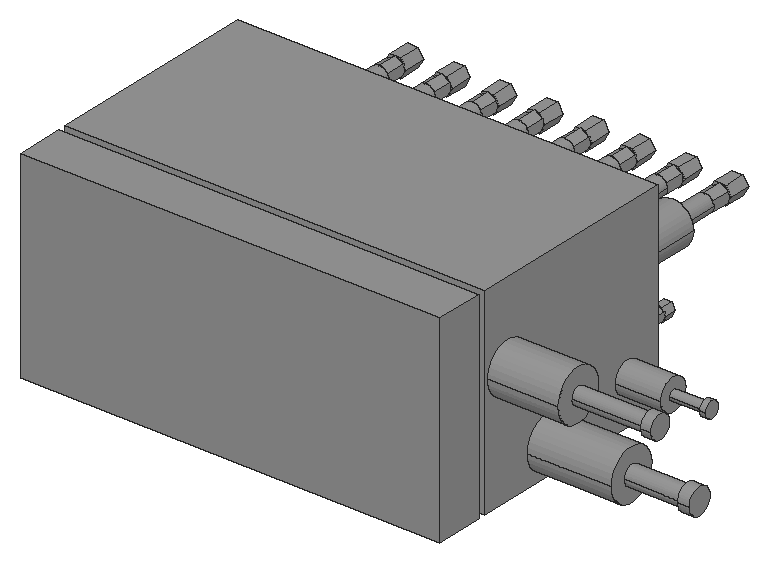
Revit family "BC_Hitachi_CH-BOX-CH-AP08MSSX_LOD400", category Equipement de génie climatique, Revit 2015
Parameters (values of type "CH-AP08MSSX")
  Refrigerant Liquid Pipe connections Diameter = 9.52 mm
  Refrigerant Gas Pipe connections Diameter = 15.88 mm
  Refrigerant Gas Low Pressure Diameter = 25.60 mm
  Refrigerant Liquid Diameter = 12.90 mm
  Rated Frequency (Hz) = "50"
  Product Code = "60292161"
  Overall Width = 543.00 mm
  Overall Height = 260.00 mm
  Overall Depth = 352.00 mm
  Nominal Voltage = 230 V
  Modèle = "Multi CH-Box"
  Material Pipe = Résine phénolique
  Material Connector = Laiton
  Material Box = Zinc
  Mass = 25.00 kg
  Gas Diameter = 22.20 mm
  Fabricant = "Hitachi"
  Description = "Multi CH-Box 8 branches"
  Commentaires du type = "CH-AP08MSSX"
  CALC_Refrigerant Gas Right = 89.00 mm
  CALC_Refrigerant Gas Low Pressure Diameter = Refrigerant Gas Low Pressure Diameter + 15.00 mm / 2  # 33.10 mm
  CALC_Refrigerant Gas L Left = 250.00 mm
  CALC_Refrigerant Gas HL Left = 200.00 mm
  CALC_Refrigerant Gas Diameter = Refrigerant Liquid Diameter + 15.00 mm / 2  # 20.40 mm
  CALC_BOX Width = 303.00 mm
Reference planes
  plane 1 "Centre (avant/arrière)": y = 0
  plane 2: z = 0
  plane 3 "Centre (gauche/droite)": x = 0
  plane 4: z = 260
  plane 5 "Back": y = 176
  plane 6 "Front": y = -176
  plane 7 "Left": x = -543
  plane 8: z = 155
  plane 9: z = 60
  plane 10: y = 375
  plane 11: y = 262
  plane 12: x = 110
  plane 13: x = 198
  plane 14: y = -4
  plane 15: z = 42
  plane 16: z = 156
  plane 17: y = -68
  plane 18: z = 60
  plane 19: y = 126
  plane 20: x = 61.245
  plane 21: x = 175.543
Forms (mm)
  Extrusion 1, solid, material "Zinc" <- "Material Box"
    sketch origin (0, 0, 0) x (1, 0, 0) y (0, 1, 0)
      loop
        line (0, 176) -> (-543, 176) -> (-543, -176) -> (0, -176) -> (0, 176)
    from 0 to 260
  Extrusion 2, solid, material "Résine phénolique" <- "Material Pipe"
    sketch origin (0, 0, 75) x (0, 1, 0) y (0, 0, 1)
      loop
        circle (-4, -33) r 32.5
    from 0 to 110
  Extrusion 3, solid, material "Résine phénolique" <- "Material Pipe"
    sketch origin (0, 46.823, 0) x (0, 1, 0) y (0, 0, 1)
      loop
        circle (-114.823, 156) r 32.5
    from 0 to 92.169
  Extrusion 4, solid, material "Résine phénolique" <- "Material Pipe"
    sketch origin (0, 146.283, 43.123) x (0, 1, 0) y (0, 0, 1)
      loop
        circle (-20.283, 16.877) r 20
    from 0 to 59.808
  Extrusion 5, solid, material "Laiton" <- "Material Connector"
    sketch origin (151.5, 0, 0) x (0, -1, 0) y (0, 0, 1)
      loop
        circle (68, 156) r 11.1
    from -33.5 to 59.331
  Extrusion 6, solid, material "Laiton" <- "Material Connector"
    sketch origin (151.5, 0, 0) x (0, -1, 0) y (0, 0, 1)
      loop
        circle (68, 156) r 14.93
    from -46.5 to -33.5
  Extrusion 7, solid, material "Laiton" <- "Material Connector"
    sketch origin (151.5, 0, 0) x (0, -1, 0) y (0, 0, 1)
      loop
        circle (4, 42) r 12.8
    from -31.308 to 41.5
  Extrusion 8, solid, material "Laiton" <- "Material Connector"
    sketch origin (151.5, 0, 0) x (0, -1, 0) y (0, 0, 1)
      loop
        circle (4, 42) r 16.55
    from -46.5 to -31.308
  Extrusion 9, solid, material "Laiton" <- "Material Connector"
    sketch origin (151.5, 0, 0) x (0, -1, 0) y (0, 0, 1)
      loop
        circle (-126, 60) r 6.45
    from 49.363 to 91.692
  Extrusion 10, solid, material "Laiton" <- "Material Connector"
    sketch origin (151.5, 0, 0) x (0, -1, 0) y (0, 0, 1)
      loop
        circle (-126, 60) r 10.2
    from 41.5 to 49.363
  Sweep 11, void
    path in 3D
      loop
        line (0, -109, 260) -> (0, -109, 0) -> (-543, -109, 0) -> (-543, -109, 260) -> (0, -109, 260)
    profile origin (-271.5, -109, 260) x (0, 1, 0) y (0, 0, 1)
      loop
        line (5, 0) -> (-5, 0) -> (-5, -10) -> (5, -10) -> (5, 0)
Cuts and joins
  Sweep 11 cuts Extrusion 1
Lines and regions (mm)
  model lines, style "InvisibleLines"
    curve 1: line (-543, -109, 0) -> (0, -109, 0)
    curve 2: line (-543, -109, 260) -> (0, -109, 260)
    curve 3: line (0, -109, 260) -> (0, -109, 0)
    curve 4: line (-543, -109, 260) -> (-543, -109, 0)
  sketch lines
    curve 5: line (-543, -109, 260) -> (0, -109, 260)
    curve 6: line (-543, -109, 260) -> (-543, -109, 0)
    curve 7: line (-543, -109, 0) -> (0, -109, 0)
    curve 8: line (0, -109, 260) -> (0, -109, 0)
Dimensions and locks
  "Overall Height": plane 4 to plane 2
  "Overall Width": plane 3 "Centre (gauche/droite)" to plane 7 "Left"
  "Overall Width": plane 7 "Left" to plane 3 "Centre (gauche/droite)"
  "Overall Depth": plane 5 "Back" to plane 6 "Front"
  equal spacing: plane 5 "Back", plane 1 "Centre (avant/arrière)", plane 6 "Front"
  plane 10 to plane 5 "Back" = 199.00 mm
  plane 11 to plane 5 "Back" = 86.00 mm
  locked: plane 7 "Left" to nested 1 at 67
  locked: plane 3 "Centre (gauche/droite)" to plane 12 at 110
  locked: plane 3 "Centre (gauche/droite)" to plane 13 at 198
  plane 5 "Back" to plane 19 = 50.00 mm
  plane 17 to plane 5 "Back" = 244.00 mm
  plane 14 to plane 5 "Back" = 180.00 mm
  plane 19 to plane 5 "Back" = 50.00 mm
  plane 16 to plane 2 = 156.00 mm
  plane 15 to plane 2 = 42.00 mm
  plane 18 to level = 60.00 mm
  plane 2 to plane 9 = 60.00 mm
  plane 2 to plane 8 = 155.00 mm
  nested 1 to nested 2 to nested 3 to nested 4 = 60.00 mm locked, 60.00 mm locked, 60.00 mm locked
  nested 5 to nested 6 to nested 7 to nested 8 = 60.00 mm locked, 60.00 mm locked, 60.00 mm locked
  nested 9 to nested 10 to nested 11 to nested 12 = 60.00 mm locked, 60.00 mm locked, 60.00 mm locked
  nested 13 to nested 14 to nested 15 to nested 16 = 60.00 mm locked, 60.00 mm locked, 60.00 mm locked
  locked: nested 4 to nested 13 at 60
  locked: nested 4 to nested 9 at 60
  "Refrigerant Gas Low Pressure Diameter": diameter of Extrusion 7 sketch curve
  "CALC_Refrigerant Gas Low Pressure Diameter": diameter of Extrusion 8 sketch curve
  diameter of Extrusion 2 sketch curve = 65.00 mm
  diameter of Extrusion 6 sketch curve = 29.86 mm
  "Gas Diameter": diameter of Extrusion 5 sketch curve
  diameter of Extrusion 3 sketch curve = 65.00 mm
  "CALC_Refrigerant Gas Diameter": diameter of Extrusion 10 sketch curve
  "Refrigerant Liquid Diameter": diameter of Extrusion 9 sketch curve
  aligned and locked: level to plane 2
  aligned and locked: plane 5 "Back" to Extrusion 1 sketch curve
  aligned and locked: plane 3 "Centre (gauche/droite)" to Extrusion 1 sketch curve
  aligned and locked: Extrusion 1 sketch curve to plane 6 "Front"
  aligned and locked: plane 7 "Left" to Extrusion 1 sketch curve
  aligned and locked: plane 4 to Extrusion 1
  aligned and locked: plane 9 to nested 5
  aligned and locked: nested 5 to nested 1
  aligned and locked: Extrusion 2 to plane 3 "Centre (gauche/droite)"
  aligned and locked: plane 15 to Extrusion 2 sketch curve
  aligned and locked: plane 14 to Extrusion 2 sketch curve
  aligned and locked: plane 16 to Extrusion 3 sketch curve
  aligned and locked: plane 17 to Extrusion 3 sketch curve
  aligned and locked: plane 19 to Extrusion 4 sketch curve
  aligned and locked: plane 18 to Extrusion 4 sketch curve
  aligned and locked: plane 5 "Back" to nested 1
  aligned and locked: plane 17 to Extrusion 5 sketch curve
  aligned and locked: plane 16 to Extrusion 5 sketch curve
  aligned and locked: plane 14 to Extrusion 8 sketch curve
  aligned and locked: plane 15 to Extrusion 8 sketch curve
  aligned and locked: plane 14 to Extrusion 7 sketch curve
  aligned and locked: plane 15 to Extrusion 7 sketch curve
  aligned and locked: plane 18 to Extrusion 9 sketch curve
  aligned and locked: plane 19 to Extrusion 9 sketch curve
  aligned and locked: plane 13 to Extrusion 8
  aligned and locked: plane 13 to Extrusion 6
  aligned and locked: nested 1 to plane 8
  aligned and locked: plane 8 to nested 2
  aligned and locked: plane 8 to nested 3
  aligned and locked: plane 8 to nested 4
  aligned and locked: plane 9 to nested 6
  aligned and locked: plane 9 to nested 7
  aligned and locked: plane 9 to nested 8
  aligned and locked: nested 13 to nested 9
Automatic sketch dimensions
  curve 3 to level = 0.00 mm
  curve 3 to plane 4 = 0.00 mm
  curve 3 to plane 17 = 41.00 mm
  Sweep 11 sketch curve to profile plane = 0.00 mm
  profile plane to Sweep 11 sketch curve = 5.00 mm
  Sweep 11 sketch curve to profile plane = 5.00 mm
  Sweep 11 sketch curve to profile plane = 10.00 mm
  curve 4 to level = 0.00 mm
  curve 4 to plane 4 = 0.00 mm
  curve 4 to plane 17 = 41.00 mm
  curve 1 to plane 3 "Centre (gauche/droite)" = 0.00 mm
  curve 1 to plane 17 = 41.00 mm
  curve 1 to plane 7 "Left" = 0.00 mm
  curve 2 to plane 3 "Centre (gauche/droite)" = 0.00 mm
  curve 2 to plane 17 = 41.00 mm
  plane 7 "Left" to curve 2 = 0.00 mm
  Extrusion 6 sketch curve to plane 16 = 0.00 mm
  Extrusion 6 sketch curve to plane 17 = 0.00 mm
  Extrusion 10 sketch curve to plane 9 = 0.00 mm
  Extrusion 10 sketch curve to plane 19 = 0.00 mm
  radius of Extrusion 4 sketch curve = 20.00 mm
Nested families
  nested 1: "PIPES" at (-476, 176, 155) x (0, 1, 0) z (0, 0, 1), type "PIPES"
    with CALC_Screw TOP 2 28.366 mm, CALC_Screw TOP 1 25.467 mm, CALC_Screw Diam TOP 2 12.00 mm, CALC_Screw Diam TOP 11.00 mm, CALC_Screw Diam 11.00 mm, CALC_PipeDiam2 24.00 mm, CALC_PipeDiam1 55.00 mm, CALC_Pipe L2 51.555 mm, CALC_Pipe L1 93.613 mm
  nested 2: "PIPES" at (-416, 176, 155) x (0, 1, 0) z (0, 0, 1), type "PIPES"
    with CALC_Screw TOP 2 28.366 mm, CALC_Screw TOP 1 25.467 mm, CALC_Screw Diam TOP 2 12.00 mm, CALC_Screw Diam TOP 11.00 mm, CALC_Screw Diam 11.00 mm, CALC_PipeDiam2 24.00 mm, CALC_PipeDiam1 55.00 mm, CALC_Pipe L2 51.555 mm, CALC_Pipe L1 93.613 mm
  nested 3: "PIPES" at (-356, 176, 155) x (0, 1, 0) z (0, 0, 1), type "PIPES"
    with CALC_Screw TOP 2 28.366 mm, CALC_Screw TOP 1 25.467 mm, CALC_Screw Diam TOP 2 12.00 mm, CALC_Screw Diam TOP 11.00 mm, CALC_Screw Diam 11.00 mm, CALC_PipeDiam2 24.00 mm, CALC_PipeDiam1 55.00 mm, CALC_Pipe L2 51.555 mm, CALC_Pipe L1 93.613 mm
  nested 4: "PIPES" at (-296, 176, 155) x (0, 1, 0) z (0, 0, 1), type "PIPES"
    with CALC_Screw TOP 2 28.366 mm, CALC_Screw TOP 1 25.467 mm, CALC_Screw Diam TOP 2 12.00 mm, CALC_Screw Diam TOP 11.00 mm, CALC_Screw Diam 11.00 mm, CALC_PipeDiam2 24.00 mm, CALC_PipeDiam1 55.00 mm, CALC_Pipe L2 51.555 mm, CALC_Pipe L1 93.613 mm
  nested 5: "PIPES" at (-476, 176, 60) x (0, 1, 0) z (0, 0, 1), type "PIPES"
    with CALC_Screw TOP 2 15.179 mm, CALC_Screw TOP 1 12.708 mm, CALC_Screw Diam TOP 2 8.50 mm, CALC_Screw Diam TOP 0.00 mm, CALC_Screw Diam 8.00 mm, CALC_PipeDiam2 16.50 mm, CALC_PipeDiam1 17.00 mm, CALC_Pipe L2 1.975 mm, CALC_Pipe L1 56.139 mm
  nested 6: "PIPES" at (-416, 176, 60) x (0, 1, 0) z (0, 0, 1), type "PIPES"
    with CALC_Screw TOP 2 15.179 mm, CALC_Screw TOP 1 12.708 mm, CALC_Screw Diam TOP 2 8.50 mm, CALC_Screw Diam TOP 0.00 mm, CALC_Screw Diam 8.00 mm, CALC_PipeDiam2 16.50 mm, CALC_PipeDiam1 17.00 mm, CALC_Pipe L2 1.975 mm, CALC_Pipe L1 56.139 mm
  nested 7: "PIPES" at (-356, 176, 60) x (0, 1, 0) z (0, 0, 1), type "PIPES"
    with CALC_Screw TOP 2 15.179 mm, CALC_Screw TOP 1 12.708 mm, CALC_Screw Diam TOP 2 8.50 mm, CALC_Screw Diam TOP 0.00 mm, CALC_Screw Diam 8.00 mm, CALC_PipeDiam2 16.50 mm, CALC_PipeDiam1 17.00 mm, CALC_Pipe L2 1.975 mm, CALC_Pipe L1 56.139 mm
  nested 8: "PIPES" at (-296, 176, 60) x (0, 1, 0) z (0, 0, 1), type "PIPES"
    with CALC_Screw TOP 2 15.179 mm, CALC_Screw TOP 1 12.708 mm, CALC_Screw Diam TOP 2 8.50 mm, CALC_Screw Diam TOP 0.00 mm, CALC_Screw Diam 8.00 mm, CALC_PipeDiam2 16.50 mm, CALC_PipeDiam1 17.00 mm, CALC_Pipe L2 1.975 mm, CALC_Pipe L1 56.139 mm
  nested 9: "PIPES" at (-236, 176, 155) x (0, 1, 0) z (0, 0, 1), type "PIPES"
    with CALC_Screw TOP 2 28.366 mm, CALC_Screw TOP 1 25.467 mm, CALC_Screw Diam TOP 2 12.00 mm, CALC_Screw Diam TOP 11.00 mm, CALC_Screw Diam 11.00 mm, CALC_PipeDiam2 24.00 mm, CALC_PipeDiam1 55.00 mm, CALC_Pipe L2 51.555 mm, CALC_Pipe L1 93.613 mm
  nested 10: "PIPES" at (-176, 176, 155) x (0, 1, 0) z (0, 0, 1), type "PIPES"
    with CALC_Screw TOP 2 28.366 mm, CALC_Screw TOP 1 25.467 mm, CALC_Screw Diam TOP 2 12.00 mm, CALC_Screw Diam TOP 11.00 mm, CALC_Screw Diam 11.00 mm, CALC_PipeDiam2 24.00 mm, CALC_PipeDiam1 55.00 mm, CALC_Pipe L2 51.555 mm, CALC_Pipe L1 93.613 mm
  nested 11: "PIPES" at (-116, 176, 155) x (0, 1, 0) z (0, 0, 1), type "PIPES"
    with CALC_Screw TOP 2 28.366 mm, CALC_Screw TOP 1 25.467 mm, CALC_Screw Diam TOP 2 12.00 mm, CALC_Screw Diam TOP 11.00 mm, CALC_Screw Diam 11.00 mm, CALC_PipeDiam2 24.00 mm, CALC_PipeDiam1 55.00 mm, CALC_Pipe L2 51.555 mm, CALC_Pipe L1 93.613 mm
  nested 12: "PIPES" at (-56, 176, 155) x (0, 1, 0) z (0, 0, 1), type "PIPES"
    with CALC_Screw TOP 2 28.366 mm, CALC_Screw TOP 1 25.467 mm, CALC_Screw Diam TOP 2 12.00 mm, CALC_Screw Diam TOP 11.00 mm, CALC_Screw Diam 11.00 mm, CALC_PipeDiam2 24.00 mm, CALC_PipeDiam1 55.00 mm, CALC_Pipe L2 51.555 mm, CALC_Pipe L1 93.613 mm
  nested 13: "PIPES" at (-236, 176, 60) x (0, 1, 0) z (0, 0, 1), type "PIPES"
    with CALC_Screw TOP 2 15.179 mm, CALC_Screw TOP 1 12.708 mm, CALC_Screw Diam TOP 2 8.50 mm, CALC_Screw Diam TOP 0.00 mm, CALC_Screw Diam 8.00 mm, CALC_PipeDiam2 16.50 mm, CALC_PipeDiam1 17.00 mm, CALC_Pipe L2 1.975 mm, CALC_Pipe L1 56.139 mm
  nested 14: "PIPES" at (-176, 176, 60) x (0, 1, 0) z (0, 0, 1), type "PIPES"
    with CALC_Screw TOP 2 15.179 mm, CALC_Screw TOP 1 12.708 mm, CALC_Screw Diam TOP 2 8.50 mm, CALC_Screw Diam TOP 0.00 mm, CALC_Screw Diam 8.00 mm, CALC_PipeDiam2 16.50 mm, CALC_PipeDiam1 17.00 mm, CALC_Pipe L2 1.975 mm, CALC_Pipe L1 56.139 mm
  nested 15: "PIPES" at (-116, 176, 60) x (0, 1, 0) z (0, 0, 1), type "PIPES"
    with CALC_Screw TOP 2 15.179 mm, CALC_Screw TOP 1 12.708 mm, CALC_Screw Diam TOP 2 8.50 mm, CALC_Screw Diam TOP 0.00 mm, CALC_Screw Diam 8.00 mm, CALC_PipeDiam2 16.50 mm, CALC_PipeDiam1 17.00 mm, CALC_Pipe L2 1.975 mm, CALC_Pipe L1 56.139 mm
  nested 16: "PIPES" at (-56, 176, 60) x (0, 1, 0) z (0, 0, 1), type "PIPES"
    with CALC_Screw TOP 2 15.179 mm, CALC_Screw TOP 1 12.708 mm, CALC_Screw Diam TOP 2 8.50 mm, CALC_Screw Diam TOP 0.00 mm, CALC_Screw Diam 8.00 mm, CALC_PipeDiam2 16.50 mm, CALC_PipeDiam1 17.00 mm, CALC_Pipe L2 1.975 mm, CALC_Pipe L1 56.139 mm
Connectors
  piping at (198, -68, 156), diameter 22.2, driven by "Gas Diameter"
    settings: on Extrusion 6, index 1, connector inside diameter 609.6 mm, connector length 0.00 mm, flow factor 0, pipe flow 0.0 L/s, pressure drop 0.0 Pa, fitting loss kfactor 0, connector angle 0.00°, fixture units 0, engagement length 0.00 mm, angle of deflection 0.00°, flow configuration 0, flow direction 0, fitting loss method 0, system type 22, joint type 0, gender type 0, connector reference index -1, connector utility 0, adjustable connector no, is connector primary yes, connector description "Refrigerant gas High/Low Pressure"
  piping at (198, -4, 42), diameter 25.6, driven by "Refrigerant Gas Low Pressure Diameter"
    settings: on Extrusion 8, index 2, connector inside diameter 609.6 mm, connector length 0.00 mm, flow factor 0, pipe flow 0.0 L/s, pressure drop 0.0 Pa, fitting loss kfactor 0, connector angle 0.00°, fixture units 0, engagement length 0.00 mm, angle of deflection 0.00°, flow configuration 0, flow direction 0, fitting loss method 0, system type 22, joint type 0, gender type 0, connector reference index -1, connector utility 0, adjustable connector no, is connector primary no, connector description "Refrigerant gas Low Pressure"
  piping at (110, 126, 60), diameter 12.9, driven by "Refrigerant Liquid Diameter"
    settings: on Extrusion 10, index 3, connector inside diameter 609.6 mm, connector length 0.00 mm, flow factor 0, pipe flow 0.0 L/s, pressure drop 0.0 Pa, fitting loss kfactor 0, connector angle 0.00°, fixture units 0, engagement length 0.00 mm, angle of deflection 0.00°, flow configuration 0, flow direction 0, fitting loss method 0, system type 22, joint type 0, gender type 0, connector reference index -1, connector utility 0, adjustable connector no, is connector primary no, connector description "Refrigerant Liquid"
  piping at (-296, 375, 155), diameter 15.88, driven by "Refrigerant Gas Pipe connections Diameter"
    settings: on nested 4, index 4, connector inside diameter 609.6 mm, connector length 0.00 mm, flow factor 0, pipe flow 0.0 L/s, pressure drop 0.0 Pa, fitting loss kfactor 0, connector angle 0.00°, fixture units 0, engagement length 0.00 mm, angle of deflection 0.00°, flow configuration 0, flow direction 0, fitting loss method 0, system type 22, joint type 0, gender type 0, connector reference index -1, connector utility 0, adjustable connector no, is connector primary no, connector description "Refrigerant Gas Pipe D"
  piping at (-356, 375, 155), diameter 15.88, driven by "Refrigerant Gas Pipe connections Diameter"
    settings: on nested 3, index 5, connector inside diameter 609.6 mm, connector length 0.00 mm, flow factor 0, pipe flow 0.0 L/s, pressure drop 0.0 Pa, fitting loss kfactor 0, connector angle 0.00°, fixture units 0, engagement length 0.00 mm, angle of deflection 0.00°, flow configuration 0, flow direction 0, fitting loss method 0, system type 22, joint type 0, gender type 0, connector reference index -1, connector utility 0, adjustable connector no, is connector primary no, connector description "Refrigerant Gas Pipe C"
  piping at (-416, 375, 155), diameter 15.88, driven by "Refrigerant Gas Pipe connections Diameter"
    settings: on nested 2, index 6, connector inside diameter 609.6 mm, connector length 0.00 mm, flow factor 0, pipe flow 0.0 L/s, pressure drop 0.0 Pa, fitting loss kfactor 0, connector angle 0.00°, fixture units 0, engagement length 0.00 mm, angle of deflection 0.00°, flow configuration 0, flow direction 0, fitting loss method 0, system type 22, joint type 0, gender type 0, connector reference index -1, connector utility 0, adjustable connector no, is connector primary no, connector description "Refrigerant Gas Pipe B"
  piping at (-476, 375, 155), diameter 15.88, driven by "Refrigerant Gas Pipe connections Diameter"
    settings: on nested 1, index 7, connector inside diameter 609.6 mm, connector length 0.00 mm, flow factor 0, pipe flow 0.0 L/s, pressure drop 0.0 Pa, fitting loss kfactor 0, connector angle 0.00°, fixture units 0, engagement length 0.00 mm, angle of deflection 0.00°, flow configuration 0, flow direction 0, fitting loss method 0, system type 22, joint type 0, gender type 0, connector reference index -1, connector utility 0, adjustable connector no, is connector primary no, connector description "Refrigerant Gas Pipe A"
  piping at (-476, 262, 60), diameter 9.52, driven by "Refrigerant Liquid Pipe connections Diameter"
    settings: on nested 5, index 8, connector inside diameter 609.6 mm, connector length 0.00 mm, flow factor 0, pipe flow 0.0 L/s, pressure drop 0.0 Pa, fitting loss kfactor 0, connector angle 0.00°, fixture units 0, engagement length 0.00 mm, angle of deflection 0.00°, flow configuration 0, flow direction 0, fitting loss method 0, system type 22, joint type 0, gender type 0, connector reference index -1, connector utility 0, adjustable connector no, is connector primary no, connector description "Refrigerant Liquid Pipe A"
  piping at (-416, 262, 60), diameter 9.52, driven by "Refrigerant Liquid Pipe connections Diameter"
    settings: on nested 6, index 9, connector inside diameter 609.6 mm, connector length 0.00 mm, flow factor 0, pipe flow 0.0 L/s, pressure drop 0.0 Pa, fitting loss kfactor 0, connector angle 0.00°, fixture units 0, engagement length 0.00 mm, angle of deflection 0.00°, flow configuration 0, flow direction 0, fitting loss method 0, system type 22, joint type 0, gender type 0, connector reference index -1, connector utility 0, adjustable connector no, is connector primary no, connector description "Refrigerant Liquid Pipe B"
  piping at (-356, 262, 60), diameter 9.52, driven by "Refrigerant Liquid Pipe connections Diameter"
    settings: on nested 7, index 10, connector inside diameter 609.6 mm, connector length 0.00 mm, flow factor 0, pipe flow 0.0 L/s, pressure drop 0.0 Pa, fitting loss kfactor 0, connector angle 0.00°, fixture units 0, engagement length 0.00 mm, angle of deflection 0.00°, flow configuration 0, flow direction 0, fitting loss method 0, system type 22, joint type 0, gender type 0, connector reference index -1, connector utility 0, adjustable connector no, is connector primary no, connector description "Refrigerant Liquid Pipe C"
  piping at (-296, 262, 60), diameter 9.52, driven by "Refrigerant Liquid Pipe connections Diameter"
    settings: on nested 8, index 11, connector inside diameter 609.6 mm, connector length 0.00 mm, flow factor 0, pipe flow 0.0 L/s, pressure drop 0.0 Pa, fitting loss kfactor 0, connector angle 0.00°, fixture units 0, engagement length 0.00 mm, angle of deflection 0.00°, flow configuration 0, flow direction 0, fitting loss method 0, system type 22, joint type 0, gender type 0, connector reference index -1, connector utility 0, adjustable connector no, is connector primary no, connector description "Refrigerant Liquid Pipe D"
  piping at (-56, 375, 155), diameter 15.88, driven by "Refrigerant Gas Pipe connections Diameter"
    settings: on nested 12, index 12, connector inside diameter 609.6 mm, connector length 0.00 mm, flow factor 0, pipe flow 0.0 L/s, pressure drop 0.0 Pa, fitting loss kfactor 0, connector angle 0.00°, fixture units 0, engagement length 0.00 mm, angle of deflection 0.00°, flow configuration 0, flow direction 0, fitting loss method 0, system type 22, joint type 0, gender type 0, connector reference index -1, connector utility 0, adjustable connector no, is connector primary no, connector description "Refrigerant Gas Pipe H"
  piping at (-116, 375, 155), diameter 15.88, driven by "Refrigerant Gas Pipe connections Diameter"
    settings: on nested 11, index 13, connector inside diameter 609.6 mm, connector length 0.00 mm, flow factor 0, pipe flow 0.0 L/s, pressure drop 0.0 Pa, fitting loss kfactor 0, connector angle 0.00°, fixture units 0, engagement length 0.00 mm, angle of deflection 0.00°, flow configuration 0, flow direction 0, fitting loss method 0, system type 22, joint type 0, gender type 0, connector reference index -1, connector utility 0, adjustable connector no, is connector primary no, connector description "Refrigerant Gas Pipe G"
  piping at (-176, 375, 155), diameter 15.88, driven by "Refrigerant Gas Pipe connections Diameter"
    settings: on nested 10, index 14, connector inside diameter 609.6 mm, connector length 0.00 mm, flow factor 0, pipe flow 0.0 L/s, pressure drop 0.0 Pa, fitting loss kfactor 0, connector angle 0.00°, fixture units 0, engagement length 0.00 mm, angle of deflection 0.00°, flow configuration 0, flow direction 0, fitting loss method 0, system type 22, joint type 0, gender type 0, connector reference index -1, connector utility 0, adjustable connector no, is connector primary no, connector description "Refrigerant Gas Pipe F"
  piping at (-236, 375, 155), diameter 15.88, driven by "Refrigerant Gas Pipe connections Diameter"
    settings: on nested 9, index 15, connector inside diameter 609.6 mm, connector length 0.00 mm, flow factor 0, pipe flow 0.0 L/s, pressure drop 0.0 Pa, fitting loss kfactor 0, connector angle 0.00°, fixture units 0, engagement length 0.00 mm, angle of deflection 0.00°, flow configuration 0, flow direction 0, fitting loss method 0, system type 22, joint type 0, gender type 0, connector reference index -1, connector utility 0, adjustable connector no, is connector primary no, connector description "Refrigerant Gas Pipe E"
  piping at (-236, 262, 60), diameter 9.52, driven by "Refrigerant Liquid Pipe connections Diameter"
    settings: on nested 13, index 16, connector inside diameter 609.6 mm, connector length 0.00 mm, flow factor 0, pipe flow 0.0 L/s, pressure drop 0.0 Pa, fitting loss kfactor 0, connector angle 0.00°, fixture units 0, engagement length 0.00 mm, angle of deflection 0.00°, flow configuration 0, flow direction 0, fitting loss method 0, system type 22, joint type 0, gender type 0, connector reference index -1, connector utility 0, adjustable connector no, is connector primary no, connector description "Refrigerant Liquid Pipe E"
  piping at (-176, 262, 60), diameter 9.52, driven by "Refrigerant Liquid Pipe connections Diameter"
    settings: on nested 14, index 17, connector inside diameter 609.6 mm, connector length 0.00 mm, flow factor 0, pipe flow 0.0 L/s, pressure drop 0.0 Pa, fitting loss kfactor 0, connector angle 0.00°, fixture units 0, engagement length 0.00 mm, angle of deflection 0.00°, flow configuration 0, flow direction 0, fitting loss method 0, system type 22, joint type 0, gender type 0, connector reference index -1, connector utility 0, adjustable connector no, is connector primary no, connector description "Refrigerant Liquid Pipe F"
  piping at (-116, 262, 60), diameter 9.52, driven by "Refrigerant Liquid Pipe connections Diameter"
    settings: on nested 15, index 18, connector inside diameter 609.6 mm, connector length 0.00 mm, flow factor 0, pipe flow 0.0 L/s, pressure drop 0.0 Pa, fitting loss kfactor 0, connector angle 0.00°, fixture units 0, engagement length 0.00 mm, angle of deflection 0.00°, flow configuration 0, flow direction 0, fitting loss method 0, system type 22, joint type 0, gender type 0, connector reference index -1, connector utility 0, adjustable connector no, is connector primary no, connector description "Refrigerant Liquid Pipe G"
  piping at (-56, 262, 60), diameter 9.52, driven by "Refrigerant Liquid Pipe connections Diameter"
    settings: on nested 16, index 19, connector inside diameter 609.6 mm, connector length 0.00 mm, flow factor 0, pipe flow 0.0 L/s, pressure drop 0.0 Pa, fitting loss kfactor 0, connector angle 0.00°, fixture units 0, engagement length 0.00 mm, angle of deflection 0.00°, flow configuration 0, flow direction 0, fitting loss method 0, system type 22, joint type 0, gender type 0, connector reference index -1, connector utility 0, adjustable connector no, is connector primary no, connector description ""
Definition of nested family "PIPES"
  Parameters (values of type "PIPES")
    Material Screw = none
    Material Pipe = none
    Default Elevation = 1219.20 mm
    CALC_Screw TOP 2 [instance] = 70.00 mm
    CALC_Screw TOP 1 [instance] = 107.333 mm
    CALC_Screw Diam TOP 2 [instance] = 25.00 mm
    CALC_Screw Diam TOP [instance] = 35.00 mm
    CALC_Screw Diam [instance] = 15.00 mm
    CALC_PipeDiam2 [instance] = 20.00 mm
    CALC_PipeDiam1 [instance] = 30.00 mm
    CALC_Pipe L2 [instance] = 75.447 mm
    CALC_Pipe L1 [instance] = 38.00 mm
    CALC_Angle Screw = 120.00°
  Reference planes
    plane 1 "Centre (avant/arrière)": y = 0
    plane 2: z = 0
    plane 3 "Centre (gauche/droite)": x = 0
    plane 4: x = 38
    plane 5: x = 220.781
    plane 6: x = 290.781
    plane 7: x = 113.447
  Forms (mm)
    Extrusion 1, solid, material <- "Material Pipe"
      sketch origin (0, 0, 0) x (0, 1, 0) y (0, 0, 1)
        loop
          circle (0, 0) r 15
      from 0 to 38
    Extrusion 2, solid, material <- "Material Screw"
      sketch origin (0, 0, 0) x (0, 1, 0) y (0, 0, 1)
        loop
          line (0, 17.321) -> (-15, 8.66) -> (-15, -8.66) -> (0, -17.321) -> (15, -8.66) -> (15, 8.66) -> (0, 17.321)
      from 113.447 to 220.781
    Extrusion 3, solid, material <- "Material Screw"
      sketch origin (0, 0, 0) x (0, 1, 0) y (0, 0, 1)
        loop
          line (28.868, 0) -> (14.434, 25) -> (-14.434, 25) -> (-28.868, 0) -> (-14.434, -25) -> (14.434, -25) -> (28.868, 0)
      from 220.781 to 290.781
    Extrusion 4, solid, material <- "Material Pipe"
      sketch origin (0, 0, 0) x (0, 1, 0) y (0, 0, 1)
        loop
          circle (0, 0) r 10
      from 38 to 113.447
  Dimensions and locks
    "CALC_Screw Diam": Extrusion 2 sketch curve to plane 1 "Centre (avant/arrière)"  (x5)
    "CALC_Screw Diam": plane 1 "Centre (avant/arrière)" to Extrusion 2 sketch curve
    "CALC_Screw Diam TOP 2": Extrusion 3 sketch curve to plane 1 "Centre (avant/arrière)"  (x5)
    "CALC_Screw Diam TOP 2": Extrusion 3 sketch curve to plane 2
    "CALC_Pipe L1": plane 3 "Centre (gauche/droite)" to plane 4
    "CALC_Pipe L2": plane 4 to plane 7
    "CALC_Screw TOP 1": plane 7 to plane 5
    "CALC_Screw TOP 2": plane 5 to plane 6
    "CALC_PipeDiam1": diameter of Extrusion 1 sketch curve
    "CALC_PipeDiam2": diameter of Extrusion 4 sketch curve
    "CALC_Angle Screw": angle Extrusion 2 sketch curve to Extrusion 2 sketch curve  (x3)
    "CALC_Angle Screw": angle Extrusion 3 sketch curve to Extrusion 3 sketch curve  (x3)
    aligned and locked: level to plane 2
    aligned and locked: Extrusion 3 to plane 6
    aligned and locked: plane 5 to Extrusion 3
    aligned and locked: Extrusion 2 to plane 5
    aligned and locked: plane 4 to Extrusion 1
    aligned and locked: plane 4 to Extrusion 4
    aligned and locked: Extrusion 4 to plane 7
    aligned and locked: plane 7 to Extrusion 2
  Automatic sketch dimensions
    Extrusion 1 sketch curve to level = 0.00 mm
    Extrusion 1 sketch curve to plane 1 "Centre (avant/arrière)" = 0.00 mm
    Extrusion 2 sketch curve to plane 1 "Centre (avant/arrière)" = 0.00 mm
    Extrusion 3 sketch curve to level = 0.00 mm
    Extrusion 4 sketch curve to level = 0.00 mm
    Extrusion 4 sketch curve to plane 1 "Centre (avant/arrière)" = 0.00 mm
